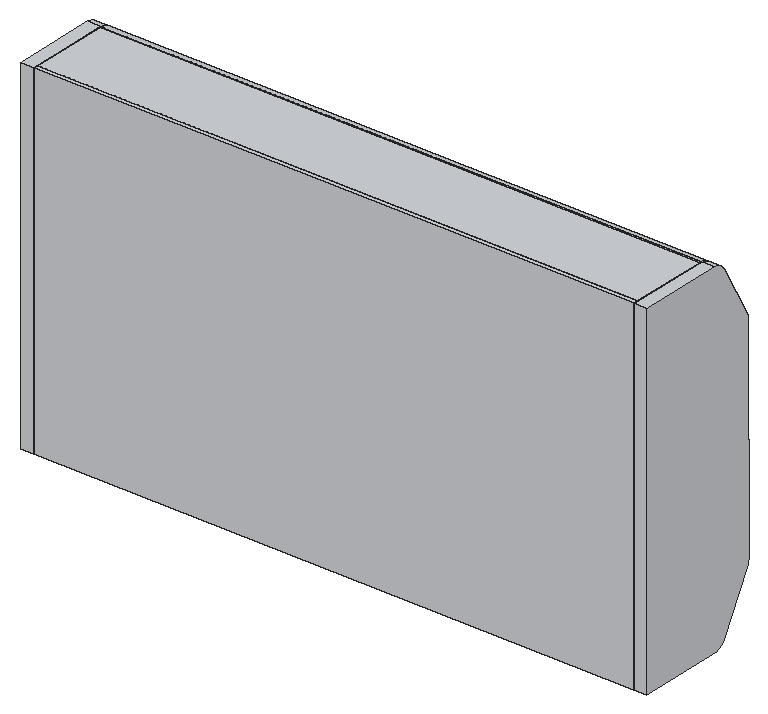
Revit family "Caspian LST 120 Mk1", category Mechanical Equipment, host Wall, Revit 2017
Family settings
  Host = Wall
  Round Connector Dimension = Use Diameter
  Part Type = Normal
  OmniClass Number = 23.75.00.00
  OmniClass Title = Climate Control (HVAC)
  Always vertical = Yes
  Cut with Voids When Loaded = No
  Shared = No
  Room Calculation Point = No
Parameters (values of type "Type 1")
  WarrantyStartDate [instance] = ""
  WarrantyGuarantorParts = ""
  WarrantyGuarantorLabor = ""
  WarrantyDurationUnit = ""
  WarrantyDurationParts = ""
  WarrantyDurationLabor = ""
  WarrantyDescription = "5 years from date of purchase"
  Version = ""
  Uniclass2015Version = ""
  Uniclass2015Title = ""
  Uniclass2015Reference = "Ss_60_40_37_51"
  Uniclass2015Code = ""
  URL = "http://smithsep.co.uk/products/caspian-universal/"
  TagNumber [instance] = ""
  SustainabilityPerformance = ""
  Specification = none
  Size = ""
  Shape = ""
  SerialNumber [instance] = ""
  Revision = "Rev1 - October 2016"
  ReplacementCost = ""
  ProductInformation = ""
  NominalWidth = 0 mm
  NominalLength = 0 mm
  NominalHeight = 0 mm
  Name = ""
  NBSReference = "T90 Heating systems"
  NBSDescription = ""
  ModelReference = ""
  ModelNumber = ""
  Model = "Caspian UV 60 MK1"
  Material = ""
  ManufacturerURL = "http://www.smithsep.co.uk/"
  Manufacturer = "Smiths Enviromental Products LTD"
  InstallationDate [instance] = ""
  Installation Guide = "http://smithsep.co.uk/wp-content/uploads/2016/09/Smiths-Caspian-Universal-Installation-and-User-Guide.pdf"
  IfcExportType = ""
  IfcExportAs = ""
  Grade = ""
  Finish = "Zinc-coated steel 1.2mm."
  Features = ""
  ExpectedLife = ""
  DurationUnit = ""
  Description = "One heating solution for a variety of applications - suitable for high, low or ceilingmounted\r\ninstallation, you can even turn it upside down."
  Data Sheet = "http://smithsep.co.uk/wp-content/uploads/2016/09/Smiths-Caspian-Universal-Data-Sheet.pdf"
  Constituents = ""
  Color = "Polyester powdercoated: White RAL 9010"
  CodePerformance = ""
  Category = ""
  BarCode [instance] = ""
  BIMObjectName = ""
  Author = ""
  AssetType = ""
  AssetIdentifier [instance] = ""
  Assembly Code = "D3020300"
  Accessories = none
  AccessibilityPerformance = ""
Reference planes
  plane 1 "Wall": y = 0
  plane 2 "Center (Left/Right)": x = 0
  plane 3 "Back": y = 75
Forms (mm)
  Sweep 1, solid, material <- "Specification"
    path origin (0, 0, 0) x (1, 0, 0) y (0, 1, 0)
      loop
        line (572.5, 75) -> (-572.5, 75)
    profile origin (0, 75, 0) x (0, -1, 0) y (0, 0, 1)
      loop
        arc (-183.157, 12.796) -> (-173.985, 3.435) -> (-161.338, 0) r 25
        line (-161.338, 0) -> (-159, 0) -> (-159, 10) -> (-10, 10) -> (-10, 0) -> (0, 0) -> (0, 660) -> (-10, 660) -> (-10, 650) -> (-159, 650) -> (-159, 660) -> (-161.338, 660)
        arc (-161.338, 660) -> (-173.985, 656.565) -> (-183.157, 647.204) r 25
        line (-183.157, 647.204) -> (-238.819, 547.687)
        arc (-238.819, 547.687) -> (-241.192, 541.789) -> (-242, 535.484) r 25
        line (-242, 535.484) -> (-232, 535.484) -> (-232, 124.516) -> (-242, 124.516)
        arc (-242, 124.516) -> (-241.192, 118.211) -> (-238.819, 112.313) r 25
        line (-238.819, 112.313) -> (-183.157, 12.796)
  Extrusion 2, solid, material <- "Specification"
    sketch origin (300, -20.181, 22.926) x (1, 0, 0) y (0, 1, 0)
      loop
        circle (252.5, 161.181) r 7.5
    from 251.074 to 317.074
  Extrusion 3, solid, material <- "Specification"
    sketch origin (300, 89.819, 22.926) x (1, 0, 0) y (0, 1, 0)
      loop
        circle (252.5, 161.181) r 7.5
    from 251.074 to 317.074
  Sweep 4, solid, material <- "Specification"
    path origin (-585, 0, 0) x (1, 0, 0) y (0, 1, 0)
      loop
        line (12.5, 75) -> (-12.5, 75)
    profile origin (-585, 75, 0) x (0, -1, 0) y (0, 0, 1)
      loop
        line (0, 0) -> (0, 660) -> (-161.338, 660)
        arc (-161.338, 660) -> (-173.985, 656.565) -> (-183.157, 647.204) r 25
        line (-183.157, 647.204) -> (-238.819, 547.687)
        arc (-238.819, 547.687) -> (-241.192, 541.789) -> (-242, 535.484) r 25
        line (-242, 535.484) -> (-242, 124.516)
        arc (-242, 124.516) -> (-241.192, 118.211) -> (-238.819, 112.313) r 25
        line (-238.819, 112.313) -> (-183.157, 12.796)
        arc (-183.157, 12.796) -> (-173.985, 3.435) -> (-161.338, 0) r 25
        line (-161.338, 0) -> (0, 0)
  Sweep 5, solid, material <- "Specification"
    path origin (585, 0, 0) x (-1, 0, 0) y (0, -1, 0)
      loop
        line (12.5, -75) -> (-12.5, -75)
    profile origin (585, 75, 0) x (0, 1, 0) y (0, 0, 1)
      loop
        line (0, 0) -> (161.338, 0)
        arc (161.338, 0) -> (173.985, 3.435) -> (183.157, 12.796) r 25
        line (183.157, 12.796) -> (238.819, 112.313)
        arc (238.819, 112.313) -> (241.192, 118.211) -> (242, 124.516) r 25
        line (242, 124.516) -> (242, 535.484)
        arc (242, 535.484) -> (241.192, 541.789) -> (238.819, 547.687) r 25
        line (238.819, 547.687) -> (183.157, 647.204)
        arc (183.157, 647.204) -> (173.985, 656.565) -> (161.338, 660) r 25
        line (161.338, 660) -> (0, 660) -> (0, 0)
  Sweep 6, solid
    path origin (300, 0, -9.273) x (1, 0, 0) y (0, 1, 0)
      loop
        line (272.5, 75) -> (-872.5, 75)
    profile origin (0, 75, -9.273) x (0, -1, 0) y (0, 0, 1)
      loop
        line (-242, 516.273) -> (-242, 162.273) -> (-232, 162.273) -> (-232, 516.273) -> (-242, 516.273)
  Sweep 7, solid, material <- "Specification"
    path origin (0, 591.273, 343) x (1, 0, 0) y (0, 0, 1)
      loop
        line (572.5, 75) -> (-572.5, 75)
    profile origin (0, 591.273, 418) x (0, 0, -1) y (0, -1, 0)
      loop
        line (-242, 506.273) -> (-242, 357.273) -> (-232, 357.273) -> (-232, 506.273) -> (-242, 506.273)
  Sweep 8, solid, material <- "Specification"
    path origin (0, 591.273, -307) x (1, 0, 0) y (0, 0, 1)
      loop
        line (572.5, 75) -> (-572.5, 75)
    profile origin (0, 591.273, -232) x (0, 0, -1) y (0, -1, 0)
      loop
        line (-242, 506.273) -> (-242, 357.273) -> (-232, 357.273) -> (-232, 506.273) -> (-242, 506.273)
  Sweep 9, solid, material <- "Specification"
    path origin (0, 0, 19.21) x (1, 0, 0) y (0, 1, 0)
      loop
        line (572.5, 75) -> (-572.5, 75)
    profile origin (0, 75, 19.21) x (0, -1, 0) y (0, 0, 1)
      loop
        line (-242, 516.273) -> (-242, 487.79) -> (-232, 487.79) -> (-232, 516.273) -> (-242, 516.273)
  Sweep 10, solid, material <- "Specification"
    path origin (0, 0, -363.273) x (1, 0, 0) y (0, 1, 0)
      loop
        line (572.5, 75) -> (-572.5, 75)
    profile origin (0, 75, -363.273) x (0, -1, 0) y (0, 0, 1)
      loop
        line (-242, 516.273) -> (-242, 487.79) -> (-232, 487.79) -> (-232, 516.273) -> (-242, 516.273)
  Extrusion 11, solid, material <- "Specification"
    sketch origin (-3.769, 0, 0) x (0, 1, 0) y (0, 0, 1)
      loop
        line (310.877, 552.946) -> (309.269, 555.822) -> (307.087, 554.602) -> (308.696, 551.726) -> (310.877, 552.946)
    from 210 to 250
  Extrusion 12, solid, material <- "Specification"
    sketch origin (-6.25, 0, 660) x (0, 1, 0) y (0, 0, 1)
      loop
        line (310.877, -552.946) -> (308.696, -551.726) -> (261.439, -636.214) -> (263.621, -637.435) -> (310.877, -552.946)
    from 247.5 to 250
  Extrusion 13, solid, material <- "Specification"
    sketch origin (-11.25, 0, 660) x (0, 1, 0) y (0, 0, 1)
      loop
        line (310.877, -552.946) -> (308.696, -551.726) -> (261.439, -636.214) -> (263.621, -637.435) -> (310.877, -552.946)
    from 247.5 to 250
  Extrusion 14, solid, material <- "Specification"
    sketch origin (-16.25, 0, 660) x (0, 1, 0) y (0, 0, 1)
      loop
        line (310.877, -552.946) -> (308.696, -551.726) -> (261.439, -636.214) -> (263.621, -637.435) -> (310.877, -552.946)
    from 247.5 to 250
  Extrusion 15, solid, material <- "Specification"
    sketch origin (-21.25, 0, 660) x (0, 1, 0) y (0, 0, 1)
      loop
        line (310.877, -552.946) -> (308.696, -551.726) -> (261.439, -636.214) -> (263.621, -637.435) -> (310.877, -552.946)
    from 247.5 to 250
  Extrusion 16, solid, material <- "Specification"
    sketch origin (-26.25, 0, 660) x (0, 1, 0) y (0, 0, 1)
      loop
        line (310.877, -552.946) -> (308.696, -551.726) -> (261.439, -636.214) -> (263.621, -637.435) -> (310.877, -552.946)
    from 247.5 to 250
  Extrusion 17, solid, material <- "Specification"
    sketch origin (-31.25, 0, 660) x (0, 1, 0) y (0, 0, 1)
      loop
        line (310.877, -552.946) -> (308.696, -551.726) -> (261.439, -636.214) -> (263.621, -637.435) -> (310.877, -552.946)
    from 247.5 to 250
  Extrusion 18, solid, material <- "Specification"
    sketch origin (-36.25, 0, 660) x (0, 1, 0) y (0, 0, 1)
      loop
        line (310.877, -552.946) -> (308.696, -551.726) -> (261.439, -636.214) -> (263.621, -637.435) -> (310.877, -552.946)
    from 247.5 to 250
  Extrusion 19, solid, material <- "Specification"
    sketch origin (-41.25, 0, 660) x (0, 1, 0) y (0, 0, 1)
      loop
        line (310.877, -552.946) -> (308.696, -551.726) -> (261.439, -636.214) -> (263.621, -637.435) -> (310.877, -552.946)
    from 247.5 to 250
  Extrusion 20, solid, material <- "Specification"
    sketch origin (-46.25, 0, 660) x (0, 1, 0) y (0, 0, 1)
      loop
        line (310.877, -552.946) -> (308.696, -551.726) -> (261.439, -636.214) -> (263.621, -637.435) -> (310.877, -552.946)
    from 247.5 to 250
  Extrusion 21, solid, material <- "Specification"
    sketch origin (-51.25, 0, 660) x (0, 1, 0) y (0, 0, 1)
      loop
        line (310.877, -552.946) -> (308.696, -551.726) -> (261.439, -636.214) -> (263.621, -637.435) -> (310.877, -552.946)
    from 247.5 to 250
  Extrusion 22, solid, material <- "Specification"
    sketch origin (-56.25, 0, 660) x (0, 1, 0) y (0, 0, 1)
      loop
        line (310.877, -552.946) -> (308.696, -551.726) -> (261.439, -636.214) -> (263.621, -637.435) -> (310.877, -552.946)
    from 247.5 to 250
  Extrusion 23, solid, material <- "Specification"
    sketch origin (-61.25, 0, 660) x (0, 1, 0) y (0, 0, 1)
      loop
        line (310.877, -552.946) -> (308.696, -551.726) -> (261.439, -636.214) -> (263.621, -637.435) -> (310.877, -552.946)
    from 247.5 to 250
  Extrusion 24, solid, material <- "Specification"
    sketch origin (-66.25, 0, 660) x (0, 1, 0) y (0, 0, 1)
      loop
        line (310.877, -552.946) -> (308.696, -551.726) -> (261.439, -636.214) -> (263.621, -637.435) -> (310.877, -552.946)
    from 247.5 to 250
  Extrusion 25, solid, material <- "Specification"
    sketch origin (-71.25, 0, 660) x (0, 1, 0) y (0, 0, 1)
      loop
        line (310.877, -552.946) -> (308.696, -551.726) -> (261.439, -636.214) -> (263.621, -637.435) -> (310.877, -552.946)
    from 247.5 to 250
  Extrusion 26, solid, material <- "Specification"
    sketch origin (-76.25, 0, 660) x (0, 1, 0) y (0, 0, 1)
      loop
        line (310.877, -552.946) -> (308.696, -551.726) -> (261.439, -636.214) -> (263.621, -637.435) -> (310.877, -552.946)
    from 247.5 to 250
  Extrusion 27, solid, material <- "Specification"
    sketch origin (-81.25, 0, 660) x (0, 1, 0) y (0, 0, 1)
      loop
        line (310.877, -552.946) -> (308.696, -551.726) -> (261.439, -636.214) -> (263.621, -637.435) -> (310.877, -552.946)
    from 247.5 to 250
  Extrusion 28, solid, material <- "Specification"
    sketch origin (-86.25, 0, 660) x (0, 1, 0) y (0, 0, 1)
      loop
        line (310.877, -552.946) -> (308.696, -551.726) -> (261.439, -636.214) -> (263.621, -637.435) -> (310.877, -552.946)
    from 247.5 to 250
  Extrusion 29, solid, material <- "Specification"
    sketch origin (-91.25, 0, 660) x (0, 1, 0) y (0, 0, 1)
      loop
        line (310.877, -552.946) -> (308.696, -551.726) -> (261.439, -636.214) -> (263.621, -637.435) -> (310.877, -552.946)
    from 247.5 to 250
  Extrusion 30, solid, material <- "Specification"
    sketch origin (-96.25, 0, 660) x (0, 1, 0) y (0, 0, 1)
      loop
        line (310.877, -552.946) -> (308.696, -551.726) -> (261.439, -636.214) -> (263.621, -637.435) -> (310.877, -552.946)
    from 247.5 to 250
  Extrusion 31, solid, material <- "Specification"
    sketch origin (-101.25, 0, 660) x (0, 1, 0) y (0, 0, 1)
      loop
        line (310.877, -552.946) -> (308.696, -551.726) -> (261.439, -636.214) -> (263.621, -637.435) -> (310.877, -552.946)
    from 247.5 to 250
  Extrusion 32, solid, material <- "Specification"
    sketch origin (-106.25, 0, 660) x (0, 1, 0) y (0, 0, 1)
      loop
        line (310.877, -552.946) -> (308.696, -551.726) -> (261.439, -636.214) -> (263.621, -637.435) -> (310.877, -552.946)
    from 247.5 to 250
  Extrusion 33, solid, material <- "Specification"
    sketch origin (-111.25, 0, 660) x (0, 1, 0) y (0, 0, 1)
      loop
        line (310.877, -552.946) -> (308.696, -551.726) -> (261.439, -636.214) -> (263.621, -637.435) -> (310.877, -552.946)
    from 247.5 to 250
  Extrusion 34, solid, material <- "Specification"
    sketch origin (-116.25, 0, 660) x (0, 1, 0) y (0, 0, 1)
      loop
        line (310.877, -552.946) -> (308.696, -551.726) -> (261.439, -636.214) -> (263.621, -637.435) -> (310.877, -552.946)
    from 247.5 to 250
  Extrusion 35, solid, material <- "Specification"
    sketch origin (-121.25, 0, 660) x (0, 1, 0) y (0, 0, 1)
      loop
        line (310.877, -552.946) -> (308.696, -551.726) -> (261.439, -636.214) -> (263.621, -637.435) -> (310.877, -552.946)
    from 247.5 to 250
  Extrusion 36, solid, material <- "Specification"
    sketch origin (-126.25, 0, 660) x (0, 1, 0) y (0, 0, 1)
      loop
        line (310.877, -552.946) -> (308.696, -551.726) -> (261.439, -636.214) -> (263.621, -637.435) -> (310.877, -552.946)
    from 247.5 to 250
  Extrusion 37, solid, material <- "Specification"
    sketch origin (-131.25, 0, 660) x (0, 1, 0) y (0, 0, 1)
      loop
        line (310.877, -552.946) -> (308.696, -551.726) -> (261.439, -636.214) -> (263.621, -637.435) -> (310.877, -552.946)
    from 247.5 to 250
  Extrusion 38, solid, material <- "Specification"
    sketch origin (-136.25, 0, 660) x (0, 1, 0) y (0, 0, 1)
      loop
        line (310.877, -552.946) -> (308.696, -551.726) -> (261.439, -636.214) -> (263.621, -637.435) -> (310.877, -552.946)
    from 247.5 to 250
  Extrusion 39, solid, material <- "Specification"
    sketch origin (-141.25, 0, 660) x (0, 1, 0) y (0, 0, 1)
      loop
        line (310.877, -552.946) -> (308.696, -551.726) -> (261.439, -636.214) -> (263.621, -637.435) -> (310.877, -552.946)
    from 247.5 to 250
  Extrusion 40, solid, material <- "Specification"
    sketch origin (-146.25, 0, 660) x (0, 1, 0) y (0, 0, 1)
      loop
        line (310.877, -552.946) -> (308.696, -551.726) -> (261.439, -636.214) -> (263.621, -637.435) -> (310.877, -552.946)
    from 247.5 to 250
  Extrusion 41, solid, material <- "Specification"
    sketch origin (-151.25, 0, 660) x (0, 1, 0) y (0, 0, 1)
      loop
        line (310.877, -552.946) -> (308.696, -551.726) -> (261.439, -636.214) -> (263.621, -637.435) -> (310.877, -552.946)
    from 247.5 to 250
  Extrusion 42, solid, material <- "Specification"
    sketch origin (-156.25, 0, 660) x (0, 1, 0) y (0, 0, 1)
      loop
        line (310.877, -552.946) -> (308.696, -551.726) -> (261.439, -636.214) -> (263.621, -637.435) -> (310.877, -552.946)
    from 247.5 to 250
  Extrusion 43, solid, material <- "Specification"
    sketch origin (-161.25, 0, 660) x (0, 1, 0) y (0, 0, 1)
      loop
        line (310.877, -552.946) -> (308.696, -551.726) -> (261.439, -636.214) -> (263.621, -637.435) -> (310.877, -552.946)
    from 247.5 to 250
  Extrusion 44, solid, material <- "Specification"
    sketch origin (-166.25, 0, 660) x (0, 1, 0) y (0, 0, 1)
      loop
        line (310.877, -552.946) -> (308.696, -551.726) -> (261.439, -636.214) -> (263.621, -637.435) -> (310.877, -552.946)
    from 247.5 to 250
  Extrusion 45, solid, material <- "Specification"
    sketch origin (-171.25, 0, 660) x (0, 1, 0) y (0, 0, 1)
      loop
        line (310.877, -552.946) -> (308.696, -551.726) -> (261.439, -636.214) -> (263.621, -637.435) -> (310.877, -552.946)
    from 247.5 to 250
  Extrusion 46, solid, material <- "Specification"
    sketch origin (-176.25, 0, 660) x (0, 1, 0) y (0, 0, 1)
      loop
        line (310.877, -552.946) -> (308.696, -551.726) -> (261.439, -636.214) -> (263.621, -637.435) -> (310.877, -552.946)
    from 247.5 to 250
  Extrusion 47, solid, material <- "Specification"
    sketch origin (-181.25, 0, 660) x (0, 1, 0) y (0, 0, 1)
      loop
        line (310.877, -552.946) -> (308.696, -551.726) -> (261.439, -636.214) -> (263.621, -637.435) -> (310.877, -552.946)
    from 247.5 to 250
  Extrusion 48, solid, material <- "Specification"
    sketch origin (-186.25, 0, 660) x (0, 1, 0) y (0, 0, 1)
      loop
        line (310.877, -552.946) -> (308.696, -551.726) -> (261.439, -636.214) -> (263.621, -637.435) -> (310.877, -552.946)
    from 247.5 to 250
  Extrusion 49, solid, material <- "Specification"
    sketch origin (-191.25, 0, 660) x (0, 1, 0) y (0, 0, 1)
      loop
        line (310.877, -552.946) -> (308.696, -551.726) -> (261.439, -636.214) -> (263.621, -637.435) -> (310.877, -552.946)
    from 247.5 to 250
  Extrusion 50, solid, material <- "Specification"
    sketch origin (-196.25, 0, 660) x (0, 1, 0) y (0, 0, 1)
      loop
        line (310.877, -552.946) -> (308.696, -551.726) -> (261.439, -636.214) -> (263.621, -637.435) -> (310.877, -552.946)
    from 247.5 to 250
  Extrusion 51, solid, material <- "Specification"
    sketch origin (-201.25, 0, 660) x (0, 1, 0) y (0, 0, 1)
      loop
        line (310.877, -552.946) -> (308.696, -551.726) -> (261.439, -636.214) -> (263.621, -637.435) -> (310.877, -552.946)
    from 247.5 to 250
  Extrusion 52, solid, material <- "Specification"
    sketch origin (-206.25, 0, 660) x (0, 1, 0) y (0, 0, 1)
      loop
        line (310.877, -552.946) -> (308.696, -551.726) -> (261.439, -636.214) -> (263.621, -637.435) -> (310.877, -552.946)
    from 247.5 to 250
  Extrusion 53, solid, material <- "Specification"
    sketch origin (-211.25, 0, 660) x (0, 1, 0) y (0, 0, 1)
      loop
        line (310.877, -552.946) -> (308.696, -551.726) -> (261.439, -636.214) -> (263.621, -637.435) -> (310.877, -552.946)
    from 247.5 to 250
  Extrusion 54, solid, material <- "Specification"
    sketch origin (-216.25, 0, 660) x (0, 1, 0) y (0, 0, 1)
      loop
        line (310.877, -552.946) -> (308.696, -551.726) -> (261.439, -636.214) -> (263.621, -637.435) -> (310.877, -552.946)
    from 247.5 to 250
  Extrusion 55, solid, material <- "Specification"
    sketch origin (-221.25, 0, 660) x (0, 1, 0) y (0, 0, 1)
      loop
        line (310.877, -552.946) -> (308.696, -551.726) -> (261.439, -636.214) -> (263.621, -637.435) -> (310.877, -552.946)
    from 247.5 to 250
  Extrusion 56, solid, material <- "Specification"
    sketch origin (-226.25, 0, 660) x (0, 1, 0) y (0, 0, 1)
      loop
        line (310.877, -552.946) -> (308.696, -551.726) -> (261.439, -636.214) -> (263.621, -637.435) -> (310.877, -552.946)
    from 247.5 to 250
  Extrusion 57, solid, material <- "Specification"
    sketch origin (-231.25, 0, 660) x (0, 1, 0) y (0, 0, 1)
      loop
        line (310.877, -552.946) -> (308.696, -551.726) -> (261.439, -636.214) -> (263.621, -637.435) -> (310.877, -552.946)
    from 247.5 to 250
  Extrusion 58, solid, material <- "Specification"
    sketch origin (-236.25, 0, 660) x (0, 1, 0) y (0, 0, 1)
      loop
        line (310.877, -552.946) -> (308.696, -551.726) -> (261.439, -636.214) -> (263.621, -637.435) -> (310.877, -552.946)
    from 247.5 to 250
  Extrusion 59, solid, material <- "Specification"
    sketch origin (-241.231, 0.436, 660) x (0, 1, 0) y (0, 0, 1)
      loop
        line (310.877, -552.946) -> (308.696, -551.726) -> (261.439, -636.214) -> (263.621, -637.435) -> (310.877, -552.946)
    from 247.5 to 250
  Extrusion 60, solid, material <- "Specification"
    sketch origin (-246.231, 0.436, 660) x (0, 1, 0) y (0, 0, 1)
      loop
        line (310.877, -552.946) -> (308.696, -551.726) -> (261.439, -636.214) -> (263.621, -637.435) -> (310.877, -552.946)
    from 247.5 to 250
  Extrusion 61, solid, material <- "Specification"
    sketch origin (-48.769, 0, 0) x (0, 1, 0) y (0, 0, 1)
      loop
        line (310.877, 552.946) -> (309.269, 555.822) -> (307.087, 554.602) -> (308.696, 551.726) -> (310.877, 552.946)
    from 210 to 250
  Extrusion 62, solid, material <- "Specification"
    sketch origin (-93.769, 0, 0) x (0, 1, 0) y (0, 0, 1)
      loop
        line (310.877, 552.946) -> (309.269, 555.822) -> (307.087, 554.602) -> (308.696, 551.726) -> (310.877, 552.946)
    from 210 to 250
  Extrusion 63, solid, material <- "Specification"
    sketch origin (-138.769, 0, 0) x (0, 1, 0) y (0, 0, 1)
      loop
        line (310.877, 552.946) -> (309.269, 555.822) -> (307.087, 554.602) -> (308.696, 551.726) -> (310.877, 552.946)
    from 210 to 250
  Extrusion 64, solid, material <- "Specification"
    sketch origin (-183.769, 0, 0) x (0, 1, 0) y (0, 0, 1)
      loop
        line (310.877, 552.946) -> (309.269, 555.822) -> (307.087, 554.602) -> (308.696, 551.726) -> (310.877, 552.946)
    from 210 to 250
  Extrusion 65, solid, material <- "Specification"
    sketch origin (-228.769, 0, 0) x (0, 1, 0) y (0, 0, 1)
      loop
        line (310.877, 552.946) -> (309.269, 555.822) -> (307.087, 554.602) -> (308.696, 551.726) -> (310.877, 552.946)
    from 210 to 250
  Extrusion 66, solid, material <- "Specification"
    sketch origin (3.769, 0, 0) x (0, 1, 0) y (0, 0, -1)
      loop
        line (310.877, -552.946) -> (308.696, -551.726) -> (307.087, -554.602) -> (309.269, -555.822) -> (310.877, -552.946)
    from 210 to 250
  Extrusion 67, solid, material <- "Specification"
    sketch origin (48.769, 0, 0) x (0, 1, 0) y (0, 0, -1)
      loop
        line (310.877, -552.946) -> (308.696, -551.726) -> (307.087, -554.602) -> (309.269, -555.822) -> (310.877, -552.946)
    from 210 to 250
  Extrusion 68, solid, material <- "Specification"
    sketch origin (93.769, 0, 0) x (0, 1, 0) y (0, 0, -1)
      loop
        line (310.877, -552.946) -> (308.696, -551.726) -> (307.087, -554.602) -> (309.269, -555.822) -> (310.877, -552.946)
    from 210 to 250
  Extrusion 69, solid, material <- "Specification"
    sketch origin (138.769, 0, 0) x (0, 1, 0) y (0, 0, -1)
      loop
        line (310.877, -552.946) -> (308.696, -551.726) -> (307.087, -554.602) -> (309.269, -555.822) -> (310.877, -552.946)
    from 210 to 250
  Extrusion 70, solid, material <- "Specification"
    sketch origin (183.769, 0, 0) x (0, 1, 0) y (0, 0, -1)
      loop
        line (310.877, -552.946) -> (308.696, -551.726) -> (307.087, -554.602) -> (309.269, -555.822) -> (310.877, -552.946)
    from 210 to 250
  Extrusion 71, solid, material <- "Specification"
    sketch origin (-3.769, -3.195, 5.713) x (0, 1, 0) y (0, 0, 1)
      loop
        line (310.877, 552.946) -> (309.269, 555.822) -> (307.087, 554.602) -> (308.696, 551.726) -> (310.877, 552.946)
    from 210 to 250
  Extrusion 72, solid, material <- "Specification"
    sketch origin (-48.769, -3.195, 5.713) x (0, 1, 0) y (0, 0, 1)
      loop
        line (310.877, 552.946) -> (309.269, 555.822) -> (307.087, 554.602) -> (308.696, 551.726) -> (310.877, 552.946)
    from 210 to 250
  Extrusion 73, solid, material <- "Specification"
    sketch origin (-93.769, -3.195, 5.713) x (0, 1, 0) y (0, 0, 1)
      loop
        line (310.877, 552.946) -> (309.269, 555.822) -> (307.087, 554.602) -> (308.696, 551.726) -> (310.877, 552.946)
    from 210 to 250
  Extrusion 74, solid, material <- "Specification"
    sketch origin (-138.769, -3.195, 5.713) x (0, 1, 0) y (0, 0, 1)
      loop
        line (310.877, 552.946) -> (309.269, 555.822) -> (307.087, 554.602) -> (308.696, 551.726) -> (310.877, 552.946)
    from 210 to 250
  Extrusion 75, solid, material <- "Specification"
    sketch origin (-183.769, -3.195, 5.713) x (0, 1, 0) y (0, 0, 1)
      loop
        line (310.877, 552.946) -> (309.269, 555.822) -> (307.087, 554.602) -> (308.696, 551.726) -> (310.877, 552.946)
    from 210 to 250
  Extrusion 76, solid, material <- "Specification"
    sketch origin (-228.769, -3.195, 5.713) x (0, 1, 0) y (0, 0, 1)
      loop
        line (310.877, 552.946) -> (309.269, 555.822) -> (307.087, 554.602) -> (308.696, 551.726) -> (310.877, 552.946)
    from 210 to 250
  Extrusion 77, solid, material <- "Specification"
    sketch origin (3.769, -3.195, 5.713) x (0, 1, 0) y (0, 0, -1)
      loop
        line (310.877, -552.946) -> (308.696, -551.726) -> (307.087, -554.602) -> (309.269, -555.822) -> (310.877, -552.946)
    from 210 to 250
  Extrusion 78, solid, material <- "Specification"
    sketch origin (48.769, -3.195, 5.713) x (0, 1, 0) y (0, 0, -1)
      loop
        line (310.877, -552.946) -> (308.696, -551.726) -> (307.087, -554.602) -> (309.269, -555.822) -> (310.877, -552.946)
    from 210 to 250
  Extrusion 79, solid, material <- "Specification"
    sketch origin (93.769, -3.195, 5.713) x (0, 1, 0) y (0, 0, -1)
      loop
        line (310.877, -552.946) -> (308.696, -551.726) -> (307.087, -554.602) -> (309.269, -555.822) -> (310.877, -552.946)
    from 210 to 250
  Extrusion 80, solid, material <- "Specification"
    sketch origin (138.769, -3.195, 5.713) x (0, 1, 0) y (0, 0, -1)
      loop
        line (310.877, -552.946) -> (308.696, -551.726) -> (307.087, -554.602) -> (309.269, -555.822) -> (310.877, -552.946)
    from 210 to 250
  Extrusion 81, solid, material <- "Specification"
    sketch origin (183.769, -3.195, 5.713) x (0, 1, 0) y (0, 0, -1)
      loop
        line (310.877, -552.946) -> (308.696, -551.726) -> (307.087, -554.602) -> (309.269, -555.822) -> (310.877, -552.946)
    from 210 to 250
  Extrusion 82, solid, material <- "Specification"
    sketch origin (-3.769, -6.391, 11.426) x (0, 1, 0) y (0, 0, 1)
      loop
        line (310.877, 552.946) -> (309.269, 555.822) -> (307.087, 554.602) -> (308.696, 551.726) -> (310.877, 552.946)
    from 210 to 250
  Extrusion 83, solid, material <- "Specification"
    sketch origin (-48.769, -6.391, 11.426) x (0, 1, 0) y (0, 0, 1)
      loop
        line (310.877, 552.946) -> (309.269, 555.822) -> (307.087, 554.602) -> (308.696, 551.726) -> (310.877, 552.946)
    from 210 to 250
  Extrusion 84, solid, material <- "Specification"
    sketch origin (-93.769, -6.391, 11.426) x (0, 1, 0) y (0, 0, 1)
      loop
        line (310.877, 552.946) -> (309.269, 555.822) -> (307.087, 554.602) -> (308.696, 551.726) -> (310.877, 552.946)
    from 210 to 250
  Extrusion 85, solid, material <- "Specification"
    sketch origin (-138.769, -6.391, 11.426) x (0, 1, 0) y (0, 0, 1)
      loop
        line (310.877, 552.946) -> (309.269, 555.822) -> (307.087, 554.602) -> (308.696, 551.726) -> (310.877, 552.946)
    from 210 to 250
  Extrusion 86, solid, material <- "Specification"
    sketch origin (-183.769, -6.391, 11.426) x (0, 1, 0) y (0, 0, 1)
      loop
        line (310.877, 552.946) -> (309.269, 555.822) -> (307.087, 554.602) -> (308.696, 551.726) -> (310.877, 552.946)
    from 210 to 250
  Extrusion 87, solid, material <- "Specification"
    sketch origin (-228.769, -6.391, 11.426) x (0, 1, 0) y (0, 0, 1)
      loop
        line (310.877, 552.946) -> (309.269, 555.822) -> (307.087, 554.602) -> (308.696, 551.726) -> (310.877, 552.946)
    from 210 to 250
  Extrusion 88, solid, material <- "Specification"
    sketch origin (3.769, -6.391, 11.426) x (0, 1, 0) y (0, 0, -1)
      loop
        line (310.877, -552.946) -> (308.696, -551.726) -> (307.087, -554.602) -> (309.269, -555.822) -> (310.877, -552.946)
    from 210 to 250
  Extrusion 89, solid, material <- "Specification"
    sketch origin (48.769, -6.391, 11.426) x (0, 1, 0) y (0, 0, -1)
      loop
        line (310.877, -552.946) -> (308.696, -551.726) -> (307.087, -554.602) -> (309.269, -555.822) -> (310.877, -552.946)
    from 210 to 250
  Extrusion 90, solid, material <- "Specification"
    sketch origin (93.769, -6.391, 11.426) x (0, 1, 0) y (0, 0, -1)
      loop
        line (310.877, -552.946) -> (308.696, -551.726) -> (307.087, -554.602) -> (309.269, -555.822) -> (310.877, -552.946)
    from 210 to 250
  Extrusion 91, solid, material <- "Specification"
    sketch origin (138.769, -6.391, 11.426) x (0, 1, 0) y (0, 0, -1)
      loop
        line (310.877, -552.946) -> (308.696, -551.726) -> (307.087, -554.602) -> (309.269, -555.822) -> (310.877, -552.946)
    from 210 to 250
  Extrusion 92, solid, material <- "Specification"
    sketch origin (183.769, -6.391, 11.426) x (0, 1, 0) y (0, 0, -1)
      loop
        line (310.877, -552.946) -> (308.696, -551.726) -> (307.087, -554.602) -> (309.269, -555.822) -> (310.877, -552.946)
    from 210 to 250
  Extrusion 93, solid, material <- "Specification"
    sketch origin (-3.769, -9.586, 17.138) x (0, 1, 0) y (0, 0, 1)
      loop
        line (310.877, 552.946) -> (309.269, 555.822) -> (307.087, 554.602) -> (308.696, 551.726) -> (310.877, 552.946)
    from 210 to 250
  Extrusion 94, solid, material <- "Specification"
    sketch origin (-48.769, -9.586, 17.138) x (0, 1, 0) y (0, 0, 1)
      loop
        line (310.877, 552.946) -> (309.269, 555.822) -> (307.087, 554.602) -> (308.696, 551.726) -> (310.877, 552.946)
    from 210 to 250
  Extrusion 95, solid, material <- "Specification"
    sketch origin (-93.769, -9.586, 17.138) x (0, 1, 0) y (0, 0, 1)
      loop
        line (310.877, 552.946) -> (309.269, 555.822) -> (307.087, 554.602) -> (308.696, 551.726) -> (310.877, 552.946)
    from 210 to 250
  Extrusion 96, solid, material <- "Specification"
    sketch origin (-138.769, -9.586, 17.138) x (0, 1, 0) y (0, 0, 1)
      loop
        line (310.877, 552.946) -> (309.269, 555.822) -> (307.087, 554.602) -> (308.696, 551.726) -> (310.877, 552.946)
    from 210 to 250
  Extrusion 97, solid, material <- "Specification"
    sketch origin (-183.769, -9.586, 17.138) x (0, 1, 0) y (0, 0, 1)
      loop
        line (310.877, 552.946) -> (309.269, 555.822) -> (307.087, 554.602) -> (308.696, 551.726) -> (310.877, 552.946)
    from 210 to 250
  Extrusion 98, solid, material <- "Specification"
    sketch origin (-228.769, -9.586, 17.138) x (0, 1, 0) y (0, 0, 1)
      loop
        line (310.877, 552.946) -> (309.269, 555.822) -> (307.087, 554.602) -> (308.696, 551.726) -> (310.877, 552.946)
    from 210 to 250
  Extrusion 99, solid, material <- "Specification"
    sketch origin (3.769, -9.586, 17.138) x (0, 1, 0) y (0, 0, -1)
      loop
        line (310.877, -552.946) -> (308.696, -551.726) -> (307.087, -554.602) -> (309.269, -555.822) -> (310.877, -552.946)
    from 210 to 250
  Extrusion 100, solid, material <- "Specification"
    sketch origin (48.769, -9.586, 17.138) x (0, 1, 0) y (0, 0, -1)
      loop
        line (310.877, -552.946) -> (308.696, -551.726) -> (307.087, -554.602) -> (309.269, -555.822) -> (310.877, -552.946)
    from 210 to 250
  Extrusion 101, solid, material <- "Specification"
    sketch origin (93.769, -9.586, 17.138) x (0, 1, 0) y (0, 0, -1)
      loop
        line (310.877, -552.946) -> (308.696, -551.726) -> (307.087, -554.602) -> (309.269, -555.822) -> (310.877, -552.946)
    from 210 to 250
  Extrusion 102, solid, material <- "Specification"
    sketch origin (138.769, -9.586, 17.138) x (0, 1, 0) y (0, 0, -1)
      loop
        line (310.877, -552.946) -> (308.696, -551.726) -> (307.087, -554.602) -> (309.269, -555.822) -> (310.877, -552.946)
    from 210 to 250
  Extrusion 103, solid, material <- "Specification"
    sketch origin (183.769, -9.586, 17.138) x (0, 1, 0) y (0, 0, -1)
      loop
        line (310.877, -552.946) -> (308.696, -551.726) -> (307.087, -554.602) -> (309.269, -555.822) -> (310.877, -552.946)
    from 210 to 250
  Extrusion 104, solid, material <- "Specification"
    sketch origin (-3.769, -12.781, 22.851) x (0, 1, 0) y (0, 0, 1)
      loop
        line (310.877, 552.946) -> (309.269, 555.822) -> (307.087, 554.602) -> (308.696, 551.726) -> (310.877, 552.946)
    from 210 to 250
  Extrusion 105, solid, material <- "Specification"
    sketch origin (-48.769, -12.781, 22.851) x (0, 1, 0) y (0, 0, 1)
      loop
        line (310.877, 552.946) -> (309.269, 555.822) -> (307.087, 554.602) -> (308.696, 551.726) -> (310.877, 552.946)
    from 210 to 250
  Extrusion 106, solid, material <- "Specification"
    sketch origin (-93.769, -12.781, 22.851) x (0, 1, 0) y (0, 0, 1)
      loop
        line (310.877, 552.946) -> (309.269, 555.822) -> (307.087, 554.602) -> (308.696, 551.726) -> (310.877, 552.946)
    from 210 to 250
  Extrusion 107, solid, material <- "Specification"
    sketch origin (-138.769, -12.781, 22.851) x (0, 1, 0) y (0, 0, 1)
      loop
        line (310.877, 552.946) -> (309.269, 555.822) -> (307.087, 554.602) -> (308.696, 551.726) -> (310.877, 552.946)
    from 210 to 250
  Extrusion 108, solid, material <- "Specification"
    sketch origin (-183.769, -12.781, 22.851) x (0, 1, 0) y (0, 0, 1)
      loop
        line (310.877, 552.946) -> (309.269, 555.822) -> (307.087, 554.602) -> (308.696, 551.726) -> (310.877, 552.946)
    from 210 to 250
  Extrusion 109, solid, material <- "Specification"
    sketch origin (-228.769, -12.781, 22.851) x (0, 1, 0) y (0, 0, 1)
      loop
        line (310.877, 552.946) -> (309.269, 555.822) -> (307.087, 554.602) -> (308.696, 551.726) -> (310.877, 552.946)
    from 210 to 250
  Extrusion 110, solid, material <- "Specification"
    sketch origin (3.769, -12.781, 22.851) x (0, 1, 0) y (0, 0, -1)
      loop
        line (310.877, -552.946) -> (308.696, -551.726) -> (307.087, -554.602) -> (309.269, -555.822) -> (310.877, -552.946)
    from 210 to 250
  Extrusion 111, solid, material <- "Specification"
    sketch origin (48.769, -12.781, 22.851) x (0, 1, 0) y (0, 0, -1)
      loop
        line (310.877, -552.946) -> (308.696, -551.726) -> (307.087, -554.602) -> (309.269, -555.822) -> (310.877, -552.946)
    from 210 to 250
  Extrusion 112, solid, material <- "Specification"
    sketch origin (93.769, -12.781, 22.851) x (0, 1, 0) y (0, 0, -1)
      loop
        line (310.877, -552.946) -> (308.696, -551.726) -> (307.087, -554.602) -> (309.269, -555.822) -> (310.877, -552.946)
    from 210 to 250
  Extrusion 113, solid, material <- "Specification"
    sketch origin (138.769, -12.781, 22.851) x (0, 1, 0) y (0, 0, -1)
      loop
        line (310.877, -552.946) -> (308.696, -551.726) -> (307.087, -554.602) -> (309.269, -555.822) -> (310.877, -552.946)
    from 210 to 250
  Extrusion 114, solid, material <- "Specification"
    sketch origin (183.769, -12.781, 22.851) x (0, 1, 0) y (0, 0, -1)
      loop
        line (310.877, -552.946) -> (308.696, -551.726) -> (307.087, -554.602) -> (309.269, -555.822) -> (310.877, -552.946)
    from 210 to 250
  Extrusion 115, solid, material <- "Specification"
    sketch origin (-3.769, -15.976, 28.564) x (0, 1, 0) y (0, 0, 1)
      loop
        line (310.877, 552.946) -> (309.269, 555.822) -> (307.087, 554.602) -> (308.696, 551.726) -> (310.877, 552.946)
    from 210 to 250
  Extrusion 116, solid, material <- "Specification"
    sketch origin (-48.769, -15.976, 28.564) x (0, 1, 0) y (0, 0, 1)
      loop
        line (310.877, 552.946) -> (309.269, 555.822) -> (307.087, 554.602) -> (308.696, 551.726) -> (310.877, 552.946)
    from 210 to 250
  Extrusion 117, solid, material <- "Specification"
    sketch origin (-93.769, -15.976, 28.564) x (0, 1, 0) y (0, 0, 1)
      loop
        line (310.877, 552.946) -> (309.269, 555.822) -> (307.087, 554.602) -> (308.696, 551.726) -> (310.877, 552.946)
    from 210 to 250
  Extrusion 118, solid, material <- "Specification"
    sketch origin (-138.769, -15.976, 28.564) x (0, 1, 0) y (0, 0, 1)
      loop
        line (310.877, 552.946) -> (309.269, 555.822) -> (307.087, 554.602) -> (308.696, 551.726) -> (310.877, 552.946)
    from 210 to 250
  Extrusion 119, solid, material <- "Specification"
    sketch origin (-183.769, -15.976, 28.564) x (0, 1, 0) y (0, 0, 1)
      loop
        line (310.877, 552.946) -> (309.269, 555.822) -> (307.087, 554.602) -> (308.696, 551.726) -> (310.877, 552.946)
    from 210 to 250
  Extrusion 120, solid, material <- "Specification"
    sketch origin (-228.769, -15.976, 28.564) x (0, 1, 0) y (0, 0, 1)
      loop
        line (310.877, 552.946) -> (309.269, 555.822) -> (307.087, 554.602) -> (308.696, 551.726) -> (310.877, 552.946)
    from 210 to 250
  Extrusion 121, solid, material <- "Specification"
    sketch origin (3.769, -15.976, 28.564) x (0, 1, 0) y (0, 0, -1)
      loop
        line (310.877, -552.946) -> (308.696, -551.726) -> (307.087, -554.602) -> (309.269, -555.822) -> (310.877, -552.946)
    from 210 to 250
  Extrusion 122, solid, material <- "Specification"
    sketch origin (48.769, -15.976, 28.564) x (0, 1, 0) y (0, 0, -1)
      loop
        line (310.877, -552.946) -> (308.696, -551.726) -> (307.087, -554.602) -> (309.269, -555.822) -> (310.877, -552.946)
    from 210 to 250
  Extrusion 123, solid, material <- "Specification"
    sketch origin (93.769, -15.976, 28.564) x (0, 1, 0) y (0, 0, -1)
      loop
        line (310.877, -552.946) -> (308.696, -551.726) -> (307.087, -554.602) -> (309.269, -555.822) -> (310.877, -552.946)
    from 210 to 250
  Extrusion 124, solid, material <- "Specification"
    sketch origin (138.769, -15.976, 28.564) x (0, 1, 0) y (0, 0, -1)
      loop
        line (310.877, -552.946) -> (308.696, -551.726) -> (307.087, -554.602) -> (309.269, -555.822) -> (310.877, -552.946)
    from 210 to 250
  Extrusion 125, solid, material <- "Specification"
    sketch origin (183.769, -15.976, 28.564) x (0, 1, 0) y (0, 0, -1)
      loop
        line (310.877, -552.946) -> (308.696, -551.726) -> (307.087, -554.602) -> (309.269, -555.822) -> (310.877, -552.946)
    from 210 to 250
  Extrusion 126, solid, material <- "Specification"
    sketch origin (-3.769, -19.172, 34.277) x (0, 1, 0) y (0, 0, 1)
      loop
        line (310.877, 552.946) -> (309.269, 555.822) -> (307.087, 554.602) -> (308.696, 551.726) -> (310.877, 552.946)
    from 210 to 250
  Extrusion 127, solid, material <- "Specification"
    sketch origin (-48.769, -19.172, 34.277) x (0, 1, 0) y (0, 0, 1)
      loop
        line (310.877, 552.946) -> (309.269, 555.822) -> (307.087, 554.602) -> (308.696, 551.726) -> (310.877, 552.946)
    from 210 to 250
  Extrusion 128, solid, material <- "Specification"
    sketch origin (-93.769, -19.172, 34.277) x (0, 1, 0) y (0, 0, 1)
      loop
        line (310.877, 552.946) -> (309.269, 555.822) -> (307.087, 554.602) -> (308.696, 551.726) -> (310.877, 552.946)
    from 210 to 250
  Extrusion 129, solid, material <- "Specification"
    sketch origin (-138.769, -19.172, 34.277) x (0, 1, 0) y (0, 0, 1)
      loop
        line (310.877, 552.946) -> (309.269, 555.822) -> (307.087, 554.602) -> (308.696, 551.726) -> (310.877, 552.946)
    from 210 to 250
  Extrusion 130, solid, material <- "Specification"
    sketch origin (-183.769, -19.172, 34.277) x (0, 1, 0) y (0, 0, 1)
      loop
        line (310.877, 552.946) -> (309.269, 555.822) -> (307.087, 554.602) -> (308.696, 551.726) -> (310.877, 552.946)
    from 210 to 250
  Extrusion 131, solid, material <- "Specification"
    sketch origin (-228.769, -19.172, 34.277) x (0, 1, 0) y (0, 0, 1)
      loop
        line (310.877, 552.946) -> (309.269, 555.822) -> (307.087, 554.602) -> (308.696, 551.726) -> (310.877, 552.946)
    from 210 to 250
  Extrusion 132, solid, material <- "Specification"
    sketch origin (3.769, -19.172, 34.277) x (0, 1, 0) y (0, 0, -1)
      loop
        line (310.877, -552.946) -> (308.696, -551.726) -> (307.087, -554.602) -> (309.269, -555.822) -> (310.877, -552.946)
    from 210 to 250
  Extrusion 133, solid, material <- "Specification"
    sketch origin (48.769, -19.172, 34.277) x (0, 1, 0) y (0, 0, -1)
      loop
        line (310.877, -552.946) -> (308.696, -551.726) -> (307.087, -554.602) -> (309.269, -555.822) -> (310.877, -552.946)
    from 210 to 250
  Extrusion 134, solid, material <- "Specification"
    sketch origin (93.769, -19.172, 34.277) x (0, 1, 0) y (0, 0, -1)
      loop
        line (310.877, -552.946) -> (308.696, -551.726) -> (307.087, -554.602) -> (309.269, -555.822) -> (310.877, -552.946)
    from 210 to 250
  Extrusion 135, solid, material <- "Specification"
    sketch origin (138.769, -19.172, 34.277) x (0, 1, 0) y (0, 0, -1)
      loop
        line (310.877, -552.946) -> (308.696, -551.726) -> (307.087, -554.602) -> (309.269, -555.822) -> (310.877, -552.946)
    from 210 to 250
  Extrusion 136, solid, material <- "Specification"
    sketch origin (183.769, -19.172, 34.277) x (0, 1, 0) y (0, 0, -1)
      loop
        line (310.877, -552.946) -> (308.696, -551.726) -> (307.087, -554.602) -> (309.269, -555.822) -> (310.877, -552.946)
    from 210 to 250
  Extrusion 137, solid, material <- "Specification"
    sketch origin (-3.769, -22.367, 39.99) x (0, 1, 0) y (0, 0, 1)
      loop
        line (310.877, 552.946) -> (309.269, 555.822) -> (307.087, 554.602) -> (308.696, 551.726) -> (310.877, 552.946)
    from 210 to 250
  Extrusion 138, solid, material <- "Specification"
    sketch origin (-48.769, -22.367, 39.99) x (0, 1, 0) y (0, 0, 1)
      loop
        line (310.877, 552.946) -> (309.269, 555.822) -> (307.087, 554.602) -> (308.696, 551.726) -> (310.877, 552.946)
    from 210 to 250
  Extrusion 139, solid, material <- "Specification"
    sketch origin (-93.769, -22.367, 39.99) x (0, 1, 0) y (0, 0, 1)
      loop
        line (310.877, 552.946) -> (309.269, 555.822) -> (307.087, 554.602) -> (308.696, 551.726) -> (310.877, 552.946)
    from 210 to 250
  Extrusion 140, solid, material <- "Specification"
    sketch origin (-138.769, -22.367, 39.99) x (0, 1, 0) y (0, 0, 1)
      loop
        line (310.877, 552.946) -> (309.269, 555.822) -> (307.087, 554.602) -> (308.696, 551.726) -> (310.877, 552.946)
    from 210 to 250
  Extrusion 141, solid, material <- "Specification"
    sketch origin (-183.769, -22.367, 39.99) x (0, 1, 0) y (0, 0, 1)
      loop
        line (310.877, 552.946) -> (309.269, 555.822) -> (307.087, 554.602) -> (308.696, 551.726) -> (310.877, 552.946)
    from 210 to 250
  Extrusion 142, solid, material <- "Specification"
    sketch origin (-228.769, -22.367, 39.99) x (0, 1, 0) y (0, 0, 1)
      loop
        line (310.877, 552.946) -> (309.269, 555.822) -> (307.087, 554.602) -> (308.696, 551.726) -> (310.877, 552.946)
    from 210 to 250
  Extrusion 143, solid, material <- "Specification"
    sketch origin (3.769, -22.367, 39.99) x (0, 1, 0) y (0, 0, -1)
      loop
        line (310.877, -552.946) -> (308.696, -551.726) -> (307.087, -554.602) -> (309.269, -555.822) -> (310.877, -552.946)
    from 210 to 250
  Extrusion 144, solid, material <- "Specification"
    sketch origin (48.769, -22.367, 39.99) x (0, 1, 0) y (0, 0, -1)
      loop
        line (310.877, -552.946) -> (308.696, -551.726) -> (307.087, -554.602) -> (309.269, -555.822) -> (310.877, -552.946)
    from 210 to 250
  Extrusion 145, solid, material <- "Specification"
    sketch origin (93.769, -22.367, 39.99) x (0, 1, 0) y (0, 0, -1)
      loop
        line (310.877, -552.946) -> (308.696, -551.726) -> (307.087, -554.602) -> (309.269, -555.822) -> (310.877, -552.946)
    from 210 to 250
  Extrusion 146, solid, material <- "Specification"
    sketch origin (138.769, -22.367, 39.99) x (0, 1, 0) y (0, 0, -1)
      loop
        line (310.877, -552.946) -> (308.696, -551.726) -> (307.087, -554.602) -> (309.269, -555.822) -> (310.877, -552.946)
    from 210 to 250
  Extrusion 147, solid, material <- "Specification"
    sketch origin (183.769, -22.367, 39.99) x (0, 1, 0) y (0, 0, -1)
      loop
        line (310.877, -552.946) -> (308.696, -551.726) -> (307.087, -554.602) -> (309.269, -555.822) -> (310.877, -552.946)
    from 210 to 250
  Extrusion 148, solid, material <- "Specification"
    sketch origin (-3.769, -25.562, 45.702) x (0, 1, 0) y (0, 0, 1)
      loop
        line (310.877, 552.946) -> (309.269, 555.822) -> (307.087, 554.602) -> (308.696, 551.726) -> (310.877, 552.946)
    from 210 to 250
  Extrusion 149, solid, material <- "Specification"
    sketch origin (-48.769, -25.562, 45.702) x (0, 1, 0) y (0, 0, 1)
      loop
        line (310.877, 552.946) -> (309.269, 555.822) -> (307.087, 554.602) -> (308.696, 551.726) -> (310.877, 552.946)
    from 210 to 250
  Extrusion 150, solid, material <- "Specification"
    sketch origin (-93.769, -25.562, 45.702) x (0, 1, 0) y (0, 0, 1)
      loop
        line (310.877, 552.946) -> (309.269, 555.822) -> (307.087, 554.602) -> (308.696, 551.726) -> (310.877, 552.946)
    from 210 to 250
  Extrusion 151, solid, material <- "Specification"
    sketch origin (-138.769, -25.562, 45.702) x (0, 1, 0) y (0, 0, 1)
      loop
        line (310.877, 552.946) -> (309.269, 555.822) -> (307.087, 554.602) -> (308.696, 551.726) -> (310.877, 552.946)
    from 210 to 250
  Extrusion 152, solid, material <- "Specification"
    sketch origin (-183.769, -25.562, 45.702) x (0, 1, 0) y (0, 0, 1)
      loop
        line (310.877, 552.946) -> (309.269, 555.822) -> (307.087, 554.602) -> (308.696, 551.726) -> (310.877, 552.946)
    from 210 to 250
  Extrusion 153, solid, material <- "Specification"
    sketch origin (-228.769, -25.562, 45.702) x (0, 1, 0) y (0, 0, 1)
      loop
        line (310.877, 552.946) -> (309.269, 555.822) -> (307.087, 554.602) -> (308.696, 551.726) -> (310.877, 552.946)
    from 210 to 250
  Extrusion 154, solid, material <- "Specification"
    sketch origin (3.769, -25.562, 45.702) x (0, 1, 0) y (0, 0, -1)
      loop
        line (310.877, -552.946) -> (308.696, -551.726) -> (307.087, -554.602) -> (309.269, -555.822) -> (310.877, -552.946)
    from 210 to 250
  Extrusion 155, solid, material <- "Specification"
    sketch origin (48.769, -25.562, 45.702) x (0, 1, 0) y (0, 0, -1)
      loop
        line (310.877, -552.946) -> (308.696, -551.726) -> (307.087, -554.602) -> (309.269, -555.822) -> (310.877, -552.946)
    from 210 to 250
  Extrusion 156, solid, material <- "Specification"
    sketch origin (93.769, -25.562, 45.702) x (0, 1, 0) y (0, 0, -1)
      loop
        line (310.877, -552.946) -> (308.696, -551.726) -> (307.087, -554.602) -> (309.269, -555.822) -> (310.877, -552.946)
    from 210 to 250
  Extrusion 157, solid, material <- "Specification"
    sketch origin (138.769, -25.562, 45.702) x (0, 1, 0) y (0, 0, -1)
      loop
        line (310.877, -552.946) -> (308.696, -551.726) -> (307.087, -554.602) -> (309.269, -555.822) -> (310.877, -552.946)
    from 210 to 250
  Extrusion 158, solid, material <- "Specification"
    sketch origin (183.769, -25.562, 45.702) x (0, 1, 0) y (0, 0, -1)
      loop
        line (310.877, -552.946) -> (308.696, -551.726) -> (307.087, -554.602) -> (309.269, -555.822) -> (310.877, -552.946)
    from 210 to 250
  Extrusion 159, solid, material <- "Specification"
    sketch origin (-3.769, -28.758, 51.415) x (0, 1, 0) y (0, 0, 1)
      loop
        line (310.877, 552.946) -> (309.269, 555.822) -> (307.087, 554.602) -> (308.696, 551.726) -> (310.877, 552.946)
    from 210 to 250
  Extrusion 160, solid, material <- "Specification"
    sketch origin (-48.769, -28.758, 51.415) x (0, 1, 0) y (0, 0, 1)
      loop
        line (310.877, 552.946) -> (309.269, 555.822) -> (307.087, 554.602) -> (308.696, 551.726) -> (310.877, 552.946)
    from 210 to 250
  Extrusion 161, solid, material <- "Specification"
    sketch origin (-93.769, -28.758, 51.415) x (0, 1, 0) y (0, 0, 1)
      loop
        line (310.877, 552.946) -> (309.269, 555.822) -> (307.087, 554.602) -> (308.696, 551.726) -> (310.877, 552.946)
    from 210 to 250
  Extrusion 162, solid, material <- "Specification"
    sketch origin (-138.769, -28.758, 51.415) x (0, 1, 0) y (0, 0, 1)
      loop
        line (310.877, 552.946) -> (309.269, 555.822) -> (307.087, 554.602) -> (308.696, 551.726) -> (310.877, 552.946)
    from 210 to 250
  Extrusion 163, solid, material <- "Specification"
    sketch origin (-183.769, -28.758, 51.415) x (0, 1, 0) y (0, 0, 1)
      loop
        line (310.877, 552.946) -> (309.269, 555.822) -> (307.087, 554.602) -> (308.696, 551.726) -> (310.877, 552.946)
    from 210 to 250
  Extrusion 164, solid, material <- "Specification"
    sketch origin (-228.769, -28.758, 51.415) x (0, 1, 0) y (0, 0, 1)
      loop
        line (310.877, 552.946) -> (309.269, 555.822) -> (307.087, 554.602) -> (308.696, 551.726) -> (310.877, 552.946)
    from 210 to 250
  Extrusion 165, solid, material <- "Specification"
    sketch origin (3.769, -28.758, 51.415) x (0, 1, 0) y (0, 0, -1)
      loop
        line (310.877, -552.946) -> (308.696, -551.726) -> (307.087, -554.602) -> (309.269, -555.822) -> (310.877, -552.946)
    from 210 to 250
  Extrusion 166, solid, material <- "Specification"
    sketch origin (48.769, -28.758, 51.415) x (0, 1, 0) y (0, 0, -1)
      loop
        line (310.877, -552.946) -> (308.696, -551.726) -> (307.087, -554.602) -> (309.269, -555.822) -> (310.877, -552.946)
    from 210 to 250
  Extrusion 167, solid, material <- "Specification"
    sketch origin (93.769, -28.758, 51.415) x (0, 1, 0) y (0, 0, -1)
      loop
        line (310.877, -552.946) -> (308.696, -551.726) -> (307.087, -554.602) -> (309.269, -555.822) -> (310.877, -552.946)
    from 210 to 250
  Extrusion 168, solid, material <- "Specification"
    sketch origin (138.769, -28.758, 51.415) x (0, 1, 0) y (0, 0, -1)
      loop
        line (310.877, -552.946) -> (308.696, -551.726) -> (307.087, -554.602) -> (309.269, -555.822) -> (310.877, -552.946)
    from 210 to 250
  Extrusion 169, solid, material <- "Specification"
    sketch origin (183.769, -28.758, 51.415) x (0, 1, 0) y (0, 0, -1)
      loop
        line (310.877, -552.946) -> (308.696, -551.726) -> (307.087, -554.602) -> (309.269, -555.822) -> (310.877, -552.946)
    from 210 to 250
  Extrusion 170, solid, material <- "Specification"
    sketch origin (-3.769, -31.953, 57.128) x (0, 1, 0) y (0, 0, 1)
      loop
        line (310.877, 552.946) -> (309.269, 555.822) -> (307.087, 554.602) -> (308.696, 551.726) -> (310.877, 552.946)
    from 210 to 250
  Extrusion 171, solid, material <- "Specification"
    sketch origin (-48.769, -31.953, 57.128) x (0, 1, 0) y (0, 0, 1)
      loop
        line (310.877, 552.946) -> (309.269, 555.822) -> (307.087, 554.602) -> (308.696, 551.726) -> (310.877, 552.946)
    from 210 to 250
  Extrusion 172, solid, material <- "Specification"
    sketch origin (-93.769, -31.953, 57.128) x (0, 1, 0) y (0, 0, 1)
      loop
        line (310.877, 552.946) -> (309.269, 555.822) -> (307.087, 554.602) -> (308.696, 551.726) -> (310.877, 552.946)
    from 210 to 250
  Extrusion 173, solid, material <- "Specification"
    sketch origin (-138.769, -31.953, 57.128) x (0, 1, 0) y (0, 0, 1)
      loop
        line (310.877, 552.946) -> (309.269, 555.822) -> (307.087, 554.602) -> (308.696, 551.726) -> (310.877, 552.946)
    from 210 to 250
  Extrusion 174, solid, material <- "Specification"
    sketch origin (-183.769, -31.953, 57.128) x (0, 1, 0) y (0, 0, 1)
      loop
        line (310.877, 552.946) -> (309.269, 555.822) -> (307.087, 554.602) -> (308.696, 551.726) -> (310.877, 552.946)
    from 210 to 250
  Extrusion 175, solid, material <- "Specification"
    sketch origin (-228.769, -31.953, 57.128) x (0, 1, 0) y (0, 0, 1)
      loop
        line (310.877, 552.946) -> (309.269, 555.822) -> (307.087, 554.602) -> (308.696, 551.726) -> (310.877, 552.946)
    from 210 to 250
  Extrusion 176, solid, material <- "Specification"
    sketch origin (3.769, -31.953, 57.128) x (0, 1, 0) y (0, 0, -1)
      loop
        line (310.877, -552.946) -> (308.696, -551.726) -> (307.087, -554.602) -> (309.269, -555.822) -> (310.877, -552.946)
    from 210 to 250
  Extrusion 177, solid, material <- "Specification"
    sketch origin (48.769, -31.953, 57.128) x (0, 1, 0) y (0, 0, -1)
      loop
        line (310.877, -552.946) -> (308.696, -551.726) -> (307.087, -554.602) -> (309.269, -555.822) -> (310.877, -552.946)
    from 210 to 250
  Extrusion 178, solid, material <- "Specification"
    sketch origin (93.769, -31.953, 57.128) x (0, 1, 0) y (0, 0, -1)
      loop
        line (310.877, -552.946) -> (308.696, -551.726) -> (307.087, -554.602) -> (309.269, -555.822) -> (310.877, -552.946)
    from 210 to 250
  Extrusion 179, solid, material <- "Specification"
    sketch origin (138.769, -31.953, 57.128) x (0, 1, 0) y (0, 0, -1)
      loop
        line (310.877, -552.946) -> (308.696, -551.726) -> (307.087, -554.602) -> (309.269, -555.822) -> (310.877, -552.946)
    from 210 to 250
  Extrusion 180, solid, material <- "Specification"
    sketch origin (183.769, -31.953, 57.128) x (0, 1, 0) y (0, 0, -1)
      loop
        line (310.877, -552.946) -> (308.696, -551.726) -> (307.087, -554.602) -> (309.269, -555.822) -> (310.877, -552.946)
    from 210 to 250
  Extrusion 181, solid, material <- "Specification"
    sketch origin (-3.769, -35.148, 62.841) x (0, 1, 0) y (0, 0, 1)
      loop
        line (310.877, 552.946) -> (309.269, 555.822) -> (307.087, 554.602) -> (308.696, 551.726) -> (310.877, 552.946)
    from 210 to 250
  Extrusion 182, solid, material <- "Specification"
    sketch origin (-48.769, -35.148, 62.841) x (0, 1, 0) y (0, 0, 1)
      loop
        line (310.877, 552.946) -> (309.269, 555.822) -> (307.087, 554.602) -> (308.696, 551.726) -> (310.877, 552.946)
    from 210 to 250
  Extrusion 183, solid, material <- "Specification"
    sketch origin (-93.769, -35.148, 62.841) x (0, 1, 0) y (0, 0, 1)
      loop
        line (310.877, 552.946) -> (309.269, 555.822) -> (307.087, 554.602) -> (308.696, 551.726) -> (310.877, 552.946)
    from 210 to 250
  Extrusion 184, solid, material <- "Specification"
    sketch origin (-138.769, -35.148, 62.841) x (0, 1, 0) y (0, 0, 1)
      loop
        line (310.877, 552.946) -> (309.269, 555.822) -> (307.087, 554.602) -> (308.696, 551.726) -> (310.877, 552.946)
    from 210 to 250
  Extrusion 185, solid, material <- "Specification"
    sketch origin (-183.769, -35.148, 62.841) x (0, 1, 0) y (0, 0, 1)
      loop
        line (310.877, 552.946) -> (309.269, 555.822) -> (307.087, 554.602) -> (308.696, 551.726) -> (310.877, 552.946)
    from 210 to 250
  Extrusion 186, solid, material <- "Specification"
    sketch origin (-228.769, -35.148, 62.841) x (0, 1, 0) y (0, 0, 1)
      loop
        line (310.877, 552.946) -> (309.269, 555.822) -> (307.087, 554.602) -> (308.696, 551.726) -> (310.877, 552.946)
    from 210 to 250
  Extrusion 187, solid, material <- "Specification"
    sketch origin (3.769, -35.148, 62.841) x (0, 1, 0) y (0, 0, -1)
      loop
        line (310.877, -552.946) -> (308.696, -551.726) -> (307.087, -554.602) -> (309.269, -555.822) -> (310.877, -552.946)
    from 210 to 250
  Extrusion 188, solid, material <- "Specification"
    sketch origin (48.769, -35.148, 62.841) x (0, 1, 0) y (0, 0, -1)
      loop
        line (310.877, -552.946) -> (308.696, -551.726) -> (307.087, -554.602) -> (309.269, -555.822) -> (310.877, -552.946)
    from 210 to 250
  Extrusion 189, solid, material <- "Specification"
    sketch origin (93.769, -35.148, 62.841) x (0, 1, 0) y (0, 0, -1)
      loop
        line (310.877, -552.946) -> (308.696, -551.726) -> (307.087, -554.602) -> (309.269, -555.822) -> (310.877, -552.946)
    from 210 to 250
  Extrusion 190, solid, material <- "Specification"
    sketch origin (138.769, -35.148, 62.841) x (0, 1, 0) y (0, 0, -1)
      loop
        line (310.877, -552.946) -> (308.696, -551.726) -> (307.087, -554.602) -> (309.269, -555.822) -> (310.877, -552.946)
    from 210 to 250
  Extrusion 191, solid, material <- "Specification"
    sketch origin (183.769, -35.148, 62.841) x (0, 1, 0) y (0, 0, -1)
      loop
        line (310.877, -552.946) -> (308.696, -551.726) -> (307.087, -554.602) -> (309.269, -555.822) -> (310.877, -552.946)
    from 210 to 250
  Extrusion 192, solid, material <- "Specification"
    sketch origin (-3.769, -38.344, 68.554) x (0, 1, 0) y (0, 0, 1)
      loop
        line (310.877, 552.946) -> (309.269, 555.822) -> (307.087, 554.602) -> (308.696, 551.726) -> (310.877, 552.946)
    from 210 to 250
  Extrusion 193, solid, material <- "Specification"
    sketch origin (-48.769, -38.344, 68.554) x (0, 1, 0) y (0, 0, 1)
      loop
        line (310.877, 552.946) -> (309.269, 555.822) -> (307.087, 554.602) -> (308.696, 551.726) -> (310.877, 552.946)
    from 210 to 250
  Extrusion 194, solid, material <- "Specification"
    sketch origin (-93.769, -38.344, 68.554) x (0, 1, 0) y (0, 0, 1)
      loop
        line (310.877, 552.946) -> (309.269, 555.822) -> (307.087, 554.602) -> (308.696, 551.726) -> (310.877, 552.946)
    from 210 to 250
  Extrusion 195, solid, material <- "Specification"
    sketch origin (-138.769, -38.344, 68.554) x (0, 1, 0) y (0, 0, 1)
      loop
        line (310.877, 552.946) -> (309.269, 555.822) -> (307.087, 554.602) -> (308.696, 551.726) -> (310.877, 552.946)
    from 210 to 250
  Extrusion 196, solid, material <- "Specification"
    sketch origin (-183.769, -38.344, 68.554) x (0, 1, 0) y (0, 0, 1)
      loop
        line (310.877, 552.946) -> (309.269, 555.822) -> (307.087, 554.602) -> (308.696, 551.726) -> (310.877, 552.946)
    from 210 to 250
  Extrusion 197, solid, material <- "Specification"
    sketch origin (-228.769, -38.344, 68.554) x (0, 1, 0) y (0, 0, 1)
      loop
        line (310.877, 552.946) -> (309.269, 555.822) -> (307.087, 554.602) -> (308.696, 551.726) -> (310.877, 552.946)
    from 210 to 250
  Extrusion 198, solid, material <- "Specification"
    sketch origin (3.769, -38.344, 68.554) x (0, 1, 0) y (0, 0, -1)
      loop
        line (310.877, -552.946) -> (308.696, -551.726) -> (307.087, -554.602) -> (309.269, -555.822) -> (310.877, -552.946)
    from 210 to 250
  Extrusion 199, solid, material <- "Specification"
    sketch origin (48.769, -38.344, 68.554) x (0, 1, 0) y (0, 0, -1)
      loop
        line (310.877, -552.946) -> (308.696, -551.726) -> (307.087, -554.602) -> (309.269, -555.822) -> (310.877, -552.946)
    from 210 to 250
  Extrusion 200, solid, material <- "Specification"
    sketch origin (93.769, -38.344, 68.554) x (0, 1, 0) y (0, 0, -1)
      loop
        line (310.877, -552.946) -> (308.696, -551.726) -> (307.087, -554.602) -> (309.269, -555.822) -> (310.877, -552.946)
    from 210 to 250
  Extrusion 201, solid, material <- "Specification"
    sketch origin (138.769, -38.344, 68.554) x (0, 1, 0) y (0, 0, -1)
      loop
        line (310.877, -552.946) -> (308.696, -551.726) -> (307.087, -554.602) -> (309.269, -555.822) -> (310.877, -552.946)
    from 210 to 250
  Extrusion 202, solid, material <- "Specification"
    sketch origin (183.769, -38.344, 68.554) x (0, 1, 0) y (0, 0, -1)
      loop
        line (310.877, -552.946) -> (308.696, -551.726) -> (307.087, -554.602) -> (309.269, -555.822) -> (310.877, -552.946)
    from 210 to 250
  Extrusion 203, solid, material <- "Specification"
    sketch origin (-3.769, -41.539, 74.266) x (0, 1, 0) y (0, 0, 1)
      loop
        line (310.877, 552.946) -> (309.269, 555.822) -> (307.087, 554.602) -> (308.696, 551.726) -> (310.877, 552.946)
    from 210 to 250
